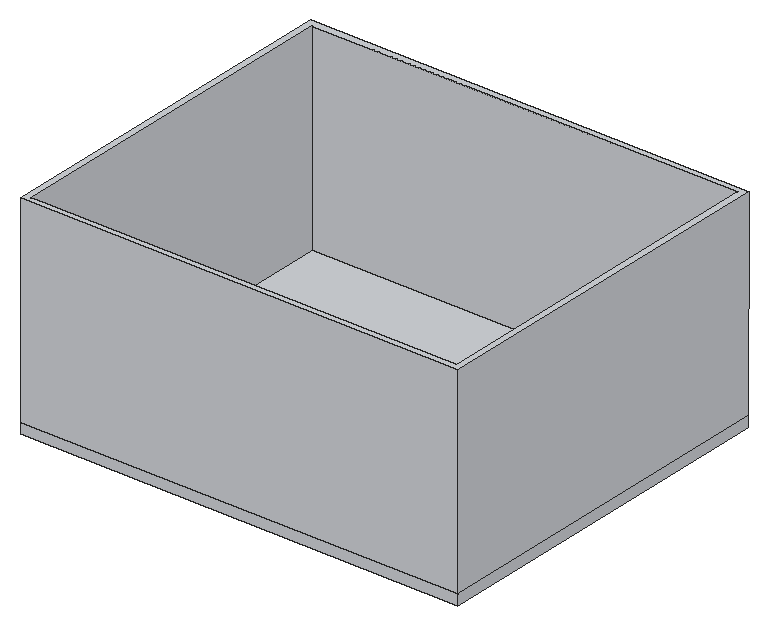
Revit family "EWS4", category Generic Models, Revit 2017
Family settings
  Can host rebar = No
  Round Connector Dimension = Use Diameter
  Part Type = Normal
  Work Plane-Based = Yes
  Always vertical = No
  Cut with Voids When Loaded = No
  Shared = No
  Room Calculation Point = No
Parameters (values of type "NBS Standard Parameters")
  Weight = "0.1239Kg"
  WarrantyStartDate [instance] = "1900-12-31T23:59:59"
  WarrantyGuarantorParts = "n/a"
  WarrantyGuarantorLabor = "n/a"
  WarrantyDurationUnit = "1 year"
  WarrantyDurationParts = "n/a"
  WarrantyDurationLabor = "n/a"
  WarrantyDescription = "n/a"
  Version = "1"
  Uniclass2 = "PR_65_72_97_84"
  TagNumber [instance] = "n/a"
  SustainabilityPerformance = "n/a"
  Size = "35mm"
  Shape = "Square"
  SerialNumber [instance] = "n/a"
  Revision = "n/a"
  ReplacementCost = "n/a"
  ProductInformation = "www.meetpro.co.uk/pdf/ews4.pdf"
  NominalWidth = 75 mm
  NominalLength = 75 mm
  NominalHeight = 36.2 mm
  Name = ""
  NBSTypeID = ""
  NBSReference = "90-60-25/345"
  NBSOfficeMasterTag = ""
  NBSNote = ""
  NBSDescription = "Standard Socket Outlets"
  NBSCertification = ""
  ModelReference = "EWS4"
  ModelNumber = "n/a"
  Material = "Sheet Steel to Comply with BS4666"
  ManufacturerURL = "www.metpro.co.uk"
  ManufacturerName = "Metpro Ltd"
  Keynote = "Compliant to BS4662 & LU Standard 1-085 (For Use on Surface & Sub Surface Locations)"
  InstallationDate [instance] = "1900-12-31T23:59:59"
  IfcExportType = ""
  IfcExportAs = ""
  Grade = "n/a"
  Finish = "Pre Galvanised"
  Features = "n/a"
  ExpectedLife = "n/a"
  DurationUnit = "year"
  Description = "EWS4- 35mm 1 Gang Switch & Socket Box"
  Default Elevation = 1219.2 mm
  Constituents = "n/a"
  Color = "n/a"
  CodePerformance = "n/a"
  Category = "n/a"
  BarCode [instance] = "n/a"
  BIMObjectName = "Metpro_metprolibrary_standardsocketoutlets_switchandsocketboxes_metal"
  Author = "Metpro Limited"
  AssetType = ""
  AssetIdentifier [instance] = "n/a"
  AccessibilityPerformance = "n/a"
Reference planes
  plane 1 "Center (Front/Back)": y = 0
  plane 2: z = 0
  plane 3 "Center (Left/Right)": x = 0
Forms (mm)
  Extrusion 1, solid
    sketch origin (-100.452, 49.244, 29.044) x (-1, 0, 0) y (0, -1, 0)
      loop
        line (147.378, 62.288) -> (72.378, 62.288) -> (72.378, 0) -> (147.378, 0) -> (147.378, 62.288)
      loop
        line (146.378, 61.288) -> (73.378, 61.288) -> (73.378, 1) -> (146.378, 1) -> (146.378, 61.288)
    from -16 to 20.2
  Extrusion 2, solid
    sketch origin (-100.452, 49.244, 12.144) x (-1, 0, 0) y (0, -1, 0)
      loop
        line (147.378, 62.288) -> (72.378, 62.288) -> (72.378, 0) -> (147.378, 0) -> (147.378, 62.288)
    from 0.9 to 2.632
Dimensions and locks
  aligned and locked: level to plane 2
